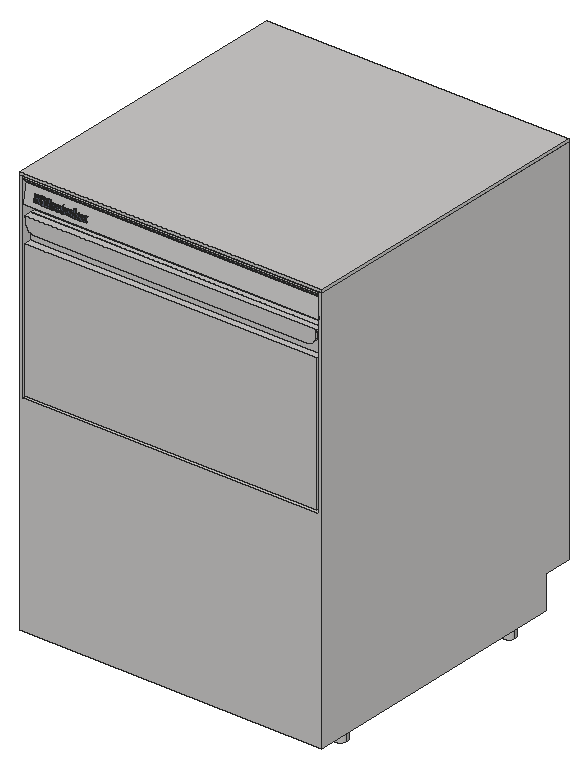
Revit family "QF_ELECTROLUXPROFESSIONAL_520003_EUC40G16", category Specialty Equipment, Revit 2018
Family settings
  Round Connector Dimension = Use Diameter
  Part Type = Normal
  Work Plane-Based = No
  Always vertical = Yes
  Cut with Voids When Loaded = No
  Shared = No
  Room Calculation Point = No
Parameters
  Weight = 0.00 kg
  Watts = 0 W
  Volts = 230 V
  URL Manufacturer = "http://professional.electrolux.com/"
  URL = "http://professional.electrolux.com/"
  Steam Supply Size = 0 mm
  Steam Supply Minimum Pressure = 0.0 Pa
  Steam Supply Maximum Pressure = 0.0 Pa
  Steam Pounds per Hour = 0
  Show Logo [instance] = yes
  Show Clearance [instance] = yes
  Refrigeration Suction Line Size = 0 mm
  Refrigeration Liquid Line Size = 0 mm
  Refrigerant Compressor Remote = yes
  Manufacturer = "Electrolux"
  Phase = 0
  Model = "EUC40G16"
  Length Actual = 600 mm  # constant formula
  Item Number = "520003"
  Hot Water Size = 0 mm
  Height Actual = 820 mm  # constant formula
  HP = "4.8 HP"
  Gas Size = 0 mm
  Gas KW = 0
  Gas Input Pressure = 0 W
  Direct Waste Size = 22 mm
  Description = "UC DW+DOUBLE S+DRAIN P+DET DISP,3C,40R/H,230V,60HZ"
  Depth Actual = 612 mm  # constant formula
  Cycle = 60 Hz
  Condensate Return Size = 0 mm
  Compressed Air Volume = 0.0 L/s
  Compressed Air Size = 0 mm
  Compressed Air Pressure = 0.0 Pa
  Cold Water Size = 0 mm
  Accessory = yes
Reference planes
  plane 1 "Center (Front/Back)": y = 0
  plane 2: z = 0
  plane 3 "Center (Left/Right)": x = 0
  plane 4 "LEFT": x = -299
  plane 5 "RIGHT": x = 299
  plane 6 "FRONT": y = -306
  plane 7 "BACK": y = 306
  plane 8: x = -281
  plane 9: x = 281
  plane 10: z = 830
  plane 11: z = 20
  plane 12: y = -281
Forms (mm)
  Extrusion 1, solid, material "QF_Finishes_Stainless Steel"
    sketch origin (0, 0, 0) x (1, 0, 0) y (0, 1, 0)
      loop
        line (-299, -306) -> (299, -306) -> (299, 249) -> (-299, 249) -> (-299, -306)
    from 20 to 830
  Extrusion 2, solid, material "QF_Finishes_Stainless Steel"
    sketch origin (0, 0, 0) x (1, 0, 0) y (0, 1, 0)
      loop
        line (-299, 249) -> (299, 249) -> (299, 306) -> (-299, 306) -> (-299, 249)
    from 86 to 830
  Extrusion 3, solid, material "QF_Finishes_Stainless Steel"
    sketch origin (0, 0, 0) x (1, 0, 0) y (0, 1, 0)
      loop
        circle (-281, 181) r 12.5
      loop
        circle (281, 181) r 12.5
      loop
        circle (-281, -236) r 12.5
      loop
        circle (281, -236) r 12.5
    from 0 to 20
  Extrusion 4, void
    sketch origin (-299, -306, 0) x (-1, 0, 0) y (0, 0, 1)
      loop
        line (-5, 830) -> (-593, 830) -> (-593, 434.506) -> (-5, 434.506) -> (-5, 830)
    from 0 to 30
  Extrusion 5, solid, material "QF_Finishes_Stainless Steel"
    sketch origin (-288, -392, 738) x (0, 0, -1) y (1, 0, 0)
      loop
        circle (688, 94) r 10
    from -641 to -698
  Extrusion 6, solid, material "QF_Door-Drawer Clearances", visible <- "Show Clearance", detail levels coarse
    sketch origin (-230, -282.5, 0) x (0, 1, 0) y (0, 0, -1)
      loop
        line (-23.5, -440) -> (-343.5, -440)
        arc (-343.5, -440) -> (-249.774, -666.274) -> (-23.5, -760) r 320
        line (-23.5, -760) -> (-23.5, -440)
    from 60 to -520
  Extrusion 7, solid, material "QF_Finishes_Stainless Steel"
    sketch origin (-242.481, -392, 738) x (0, 0, -1) y (1, 0, 0)
      loop
        circle (688, 236.481) r 8
    from -641 to -698
  Extrusion 8, solid, material "QF_Finishes_Stainless Steel"
    sketch origin (-230, -282.5, 0) x (0, 1, 0) y (0, 0, -1)
      loop
        line (-23.5, -440) -> (-23.5, -710) -> (-8.5, -710) -> (-8.5, -760) -> (1.5, -760) -> (1.5, -440) -> (-23.5, -440)
    from 60 to -520
  Extrusion 9, solid, material "QF_Finishes_Stainless Steel"
    sketch origin (-230, -282.5, -55) x (0, 1, 0) y (0, 0, -1)
      loop
        line (-8.5, -815) -> (-8.5, -812.514) -> (-21, -812.514) -> (-21, -786.25) -> (-23.5, -786.25) -> (-23.5, -815) -> (-8.5, -815)
    from 60 to -520
  Extrusion 10, void
    sketch origin (-230, -306, 760) x (0, 0, 1) y (1, 0, 0)
      loop
        line (-2.486, -60) -> (-2.486, -58.393) -> (-15.552, -58.393)
        arc (-15.552, -58.393) -> (-25.109, -51.319) -> (-28.75, -40) r 19.416
        line (-28.75, -40) -> (-28.75, -60) -> (-2.486, -60)
      loop
        line (-2.486, 520) -> (-28.75, 520) -> (-28.75, 500)
        arc (-28.75, 500) -> (-25.109, 511.319) -> (-15.552, 518.393) r 19.416
        line (-15.552, 518.393) -> (-2.486, 518.393) -> (-2.486, 520)
    from 0 to 2.5
  Extrusion 11, solid, material "QF_Finishes_Stainless Steel"
    sketch origin (0, 0, 0) x (1, 0, 0) y (0, 1, 0)
      loop
        line (-299, -306) -> (299, -306) -> (299, 306) -> (-299, 306) -> (-299, -306)
    from 835 to 830
  Extrusion 12, solid, material "QF_Finishes_Stainless Steel"
    sketch origin (-230, -282.5, 15) x (0, 1, 0) y (0, 0, -1)
      loop
        line (-15.517, -815) -> (6.5, -815) -> (6.5, -765.202) -> (-23.502, -765.202) -> (-16.651, -801.185)
        arc (-16.651, -801.185) -> (-16.709, -802.254) -> (-17.26, -803.171) r 2.216
        line (-17.26, -803.171) -> (-21.457, -807.367)
        arc (-21.457, -807.367) -> (-22.158, -809.293) -> (-21.133, -811.068) r 2.424
        line (-21.133, -811.068) -> (-15.517, -815)
    from -524 to 64
  Extrusion 13, solid, material "QF_Finishes_Stainless Steel"
    sketch origin (-372.481, -392, 738) x (0, 0, -1) y (1, 0, 0)
      loop
        circle (668, 282.481) r 8
    from -641 to -698
Cuts and joins
  Extrusion 4 cuts Extrusion 1
  joined: Extrusion 1, Extrusion 2
  Extrusion 10 cuts Extrusion 6
  Extrusion 10 cuts Extrusion 8
  Extrusion 10 cuts Extrusion 9
Lines and regions (mm)
  Split face 1
    outline origin (-230, -299.151, 816.185) x (0, -0.187035, -0.982353) y (1, 0, 0)
      loop
        line (12.473, -49) -> (24.129, -49)
        arc (24.129, -49) -> (31.2, -46.071) -> (34.129, -39) r 10
        line (34.129, -39) -> (34.129, 499)
        arc (34.129, 499) -> (31.2, 506.071) -> (24.129, 509) r 10
        line (24.129, 509) -> (12.473, 509)
        arc (12.473, 509) -> (5.402, 506.071) -> (2.473, 499) r 10
        line (2.473, 499) -> (2.473, -39)
        arc (2.473, -39) -> (5.402, -46.071) -> (12.473, -49) r 10
  Split face 2
    outline origin (-230, -299.151, 816.185) x (0, -0.187035, -0.982353) y (1, 0, 0)
      loop
        line (9.973, 81.452) -> (29.129, 81.452) -> (29.129, 104.231) -> (9.973, 104.231) -> (9.973, 81.452)
  Split face 3
    outline origin (-200, -299.151, 816.185) x (0, -0.187035, -0.982353) y (1, 0, 0)
      loop
        line (9.973, 81.452) -> (29.129, 81.452) -> (29.129, 104.231) -> (9.973, 104.231) -> (9.973, 81.452)
  Split face 4
    outline origin (-170, -299.151, 816.185) x (0, -0.187035, -0.982353) y (1, 0, 0)
      loop
        line (9.973, 81.452) -> (29.129, 81.452) -> (29.129, 104.231) -> (9.973, 104.231) -> (9.973, 81.452)
  Split face 5
    outline origin (-45, -299.151, 816.185) x (0, -0.187035, -0.982353) y (1, 0, 0)
      loop
        line (9.973, 79.452) -> (29.129, 79.452) -> (29.129, 102.231) -> (9.973, 102.231) -> (9.973, 79.452)
  Split face 6
    outline origin (-15, -299.151, 816.185) x (0, -0.187035, -0.982353) y (1, 0, 0)
      loop
        line (9.973, 79.452) -> (29.129, 79.452) -> (29.129, 102.231) -> (9.973, 102.231) -> (9.973, 79.452)
  Split face 7
    outline origin (15, -299.151, 816.185) x (0, -0.187035, -0.982353) y (1, 0, 0)
      loop
        line (9.973, 79.452) -> (29.129, 79.452) -> (29.129, 102.231) -> (9.973, 102.231) -> (9.973, 79.452)
  Split face 8
    outline origin (-100, -299.151, 816.185) x (0, -0.187035, -0.982353) y (1, 0, 0)
      loop
        line (9.973, 63.952) -> (29.129, 63.952) -> (29.129, 106.731) -> (9.973, 106.731) -> (9.973, 63.952)
  symbolic lines
    curve 1: line (-299, 306, 0) -> (299, 306, 0)
    curve 2: line (-299, -306, 0) -> (-299, 306, 0)
    curve 3: line (299, -306, 0) -> (-299, -306, 0)
    curve 4: line (299, 306, 0) -> (299, -306, 0)
  symbolic lines, style "QF_Door-Drawer Clearances"
    curve 5: line (-290, -626, 0) -> (290, -626, 0)
    curve 6: line (290, -626, 0) -> (290, -306, 0)
    curve 7: line (-290, -626, 0) -> (-290, -306, 0)
Dimensions and locks
  equal spacing: plane 4 "LEFT", plane 3 "Center (Left/Right)", plane 5 "RIGHT"
  equal spacing: plane 7 "BACK", plane 1 "Center (Front/Back)", plane 6 "FRONT"
  plane 7 "BACK" to plane 6 "FRONT" = 612 mm  (x2)
  plane 4 "LEFT" to plane 5 "RIGHT" = 598 mm
  plane 4 "LEFT" to plane 8 = 18 mm
  plane 9 to plane 5 "RIGHT" = 18 mm
  locked: plane 11 to level at 20
  plane 4 "LEFT" to plane 3 "Center (Left/Right)" = 299 mm
  plane 10 to level = 830 mm
  plane 8 to plane 9 = 562 mm
  locked: plane 12 to plane 6 "FRONT" at 25
  plane 11 to Extrusion 7 sketch curve = 30 mm
  plane 5 "RIGHT" to Extrusion 7 sketch curve = 305 mm  (x2)
  plane 5 "RIGHT" to Extrusion 5 sketch curve = 493 mm
  plane 11 to Extrusion 5 sketch curve = 30 mm
  cut or joined group of Extrusion 1, Extrusion 2, Extrusion 4 to Extrusion 13 sketch curve = 389 mm
  plane 11 to Extrusion 13 sketch curve = 50 mm
  plane 7 "BACK" to Extrusion 3 sketch curve = 125 mm  (x2)
  Extrusion 3 sketch curve to plane 6 "FRONT" = 70 mm  (x2)
  Extrusion 5 sketch curve to plane 4 "LEFT" = 105 mm
  aligned and locked: level to plane 2
  aligned and locked: Extrusion 1 sketch curve to plane 6 "FRONT"
  aligned and locked: Extrusion 1 sketch curve to plane 4 "LEFT"
  aligned and locked: plane 5 "RIGHT" to Extrusion 1 sketch curve
  aligned and locked: Extrusion 1 to plane 11
  aligned and locked: Extrusion 2 sketch curve to Extrusion 1  (x2)
  aligned and locked: plane 7 "BACK" to Extrusion 2 sketch curve
  aligned and locked: plane 5 "RIGHT" to Extrusion 2 sketch curve
  aligned and locked: plane 11 to Extrusion 3
  aligned and locked: Extrusion 2 to Extrusion 5
  aligned and locked: Extrusion 2 to Extrusion 7
  aligned and locked: plane 7 "BACK" to Extrusion 7
  aligned and locked: plane 7 "BACK" to Extrusion 5
  aligned and locked: Extrusion 10 to cut or joined group of Extrusion 9, Extrusion 10
  aligned and locked: Extrusion 2 to Extrusion 1
  aligned and locked: Extrusion 11 sketch curve to cut or joined group of Extrusion 1, Extrusion 2, Extrusion 4  (x4)
  aligned and locked: plane 10 to Extrusion 11
  aligned and locked: Extrusion 1 to Extrusion 4
  aligned and locked: curve 5 to cut or joined group of Extrusion 6, Extrusion 10
Automatic sketch dimensions
  curve 3 to plane 4 "LEFT" = 0 mm
  curve 7 to plane 6 "FRONT" = 0 mm
  curve 3 to plane 5 "RIGHT" = 0 mm
  curve 2 to plane 7 "BACK" = 0 mm
  plane 4 "LEFT" to curve 5 = 9 mm
  curve 6 to plane 5 "RIGHT" = 9 mm
  Extrusion 3 sketch curve to plane 8 = 0 mm  (x2)
  Extrusion 3 sketch curve to plane 9 = 0 mm  (x2)
  Extrusion 4 sketch curve to Extrusion 1 = 0 mm
  Extrusion 4 sketch curve to Extrusion 1 = 5 mm  (x2)
  Extrusion 4 sketch curve to Extrusion 1 = 414.506 mm
  Extrusion 6 sketch curve to plane 6 "FRONT" = 0 mm
  Extrusion 6 sketch curve to Extrusion 6 sketch curve = 320 mm
  Extrusion 6 sketch curve to plane 10 = 70 mm
  Extrusion 8 sketch curve to plane 6 "FRONT" = 0 mm
  Extrusion 8 sketch curve to plane 12 = 0 mm
  Extrusion 8 sketch curve to Extrusion 8 sketch curve = 10 mm
  Extrusion 8 sketch curve to plane 10 = 70 mm
  Extrusion 8 sketch curve to Extrusion 8 sketch curve = 50 mm
  Extrusion 8 sketch curve to Extrusion 8 sketch curve = 270 mm
  Extrusion 9 sketch curve to plane 6 "FRONT" = 0 mm
  Extrusion 9 sketch curve to Extrusion 9 sketch curve = 2.5 mm
  Extrusion 9 sketch curve to plane 12 = 10 mm
  Extrusion 9 sketch curve to plane 10 = 70 mm
  Extrusion 9 sketch curve to Extrusion 9 sketch curve = 2.486 mm
  Extrusion 9 sketch curve to Extrusion 9 sketch curve = 26.264 mm
  Extrusion 10 sketch curve to Extrusion 9 = 0 mm  (x4)
  Extrusion 10 sketch curve to Extrusion 9 = 1.607 mm  (x2)
  Extrusion 10 sketch curve to Extrusion 9 = 13.198 mm  (x2)
  Extrusion 10 sketch curve to Extrusion 9 = 9.334 mm  (x2)
  Extrusion 10 sketch curve to Extrusion 9 = 2.486 mm  (x2)
  Split face 1 sketch curve to Extrusion 12 = 2.473 mm
  Split face 1 sketch curve to Extrusion 12 = 12.473 mm  (x2)
  Split face 1 sketch curve to Split face 1 sketch curve = 11.656 mm  (x2)
  Split face 1 sketch curve to Extrusion 12 = 15 mm
  Split face 1 sketch curve to Extrusion 12 = 25 mm
  Split face 2 sketch curve to Extrusion 12 = 9.973 mm
  Split face 2 sketch curve to Extrusion 12 = 145.452 mm
  Split face 2 sketch curve to Split face 2 sketch curve = 22.778 mm
  Split face 3 sketch curve to Extrusion 12 = 9.973 mm
  Split face 3 sketch curve to Extrusion 12 = 175.452 mm
  Split face 3 sketch curve to Split face 3 sketch curve = 22.778 mm
  Split face 4 sketch curve to Extrusion 12 = 9.973 mm
  Split face 4 sketch curve to Extrusion 12 = 205.452 mm
  Split face 4 sketch curve to Split face 4 sketch curve = 22.778 mm
  Split face 5 sketch curve to Extrusion 12 = 9.973 mm
  Split face 5 sketch curve to Extrusion 12 = 259.548 mm
  Split face 5 sketch curve to Split face 5 sketch curve = 22.778 mm
  Split face 6 sketch curve to Extrusion 12 = 9.973 mm
  Split face 6 sketch curve to Extrusion 12 = 229.548 mm
  Split face 6 sketch curve to Split face 6 sketch curve = 22.778 mm
  Split face 7 sketch curve to Extrusion 12 = 9.973 mm
  Split face 7 sketch curve to Extrusion 12 = 199.548 mm
  Split face 7 sketch curve to Split face 7 sketch curve = 22.778 mm
  Split face 8 sketch curve to Extrusion 12 = 9.973 mm
  Split face 8 sketch curve to Extrusion 12 = 257.952 mm
  Split face 8 sketch curve to Split face 8 sketch curve = 42.778 mm
  Extrusion 1 sketch curve to plane 7 "BACK" = 57 mm
  Extrusion 3 sketch curve to plane 7 "BACK" = 125 mm
  Extrusion 12 sketch curve to plane 10 = 0 mm
  plane 6 "FRONT" to Extrusion 12 sketch curve = 2.043 mm
  plane 6 "FRONT" to Extrusion 12 sketch curve = 2.367 mm
  Extrusion 12 sketch curve to Extrusion 12 sketch curve = 1.567 mm  (x2)
  Extrusion 12 sketch curve to Extrusion 12 sketch curve = 0.609 mm
  Extrusion 12 sketch curve to Extrusion 12 sketch curve = 5.616 mm
  plane 12 to Extrusion 12 sketch curve = 5 mm
  Extrusion 12 sketch curve to plane 10 = 3.932 mm
  Extrusion 12 sketch curve to Extrusion 12 sketch curve = 35.982 mm
  Extrusion 12 sketch curve to plane 6 "FRONT" = 0.002 mm
  Extrusion 12 sketch curve to Extrusion 12 sketch curve = 1.714 mm
  Extrusion 12 sketch curve to Extrusion 12 sketch curve = 1.986 mm
  Extrusion 12 sketch curve to Extrusion 12 sketch curve = 4.196 mm
  plane 6 "FRONT" to Extrusion 12 sketch curve = 4.673 mm
  Split face 1 sketch curve to Extrusion 12 = 2.5 mm
  Split face 2 sketch curve to Extrusion 12 = 7.5 mm
  Split face 3 sketch curve to Extrusion 12 = 7.5 mm
  Split face 4 sketch curve to Extrusion 12 = 7.5 mm
  Split face 5 sketch curve to Extrusion 12 = 7.5 mm
  Split face 6 sketch curve to Extrusion 12 = 7.5 mm
  Split face 7 sketch curve to Extrusion 12 = 7.5 mm
  Split face 8 sketch curve to Extrusion 12 = 7.5 mm
  radius of Extrusion 3 sketch curve = 12.5 mm  (x4)
  radius of Extrusion 5 sketch curve = 10 mm
  radius of Extrusion 7 sketch curve = 8 mm
  radius of Extrusion 13 sketch curve = 8 mm
Nested families
  nested 1: "ELX_Logo_S" at (-220, -302.854, 796.736) x (1, 0, 0) z (0, -0.9824, 0.187), visible <- "Show Logo", type "ELX_Logo_S"
Connectors
  piping at (-194, 306, 50), diameter 20
    settings: on Extrusion 5, index 1, connector inside diameter 609.6 mm, connector length 0 mm, flow factor 0, pipe flow 0.0 L/s, pressure drop 0.0 Pa, fitting loss kfactor 0, connector angle 0.00°, fixture units 0, engagement length 0 mm, angle of deflection 0.00°, flow configuration 1, flow direction 2, fitting loss method 0, system type 16, joint type 0, gender type 0, connector reference index -1, connector utility 0, adjustable connector no, is connector primary yes, connector description "Drain"
  piping at (-6, 306, 50), driven by "Hot Water Size"
    settings: on Extrusion 7, index 3, connector diameter 0 mm, connector inside diameter 609.6 mm, connector length 0 mm, flow factor 0, pipe flow 0.0 L/s, pressure drop 0.0 Pa, fitting loss kfactor 0, connector angle 0.00°, fixture units 0, engagement length 0 mm, angle of deflection 0.00°, flow configuration 1, flow direction 1, fitting loss method 0, system type 19, joint type 0, gender type 0, connector reference index -1, connector utility 0, adjustable connector no, is connector primary no, connector description "Hot Water Inlet"
  electrical at (-90, 306, 70), driven by "Volts"
    settings: on Extrusion 13, index 4, voltage 230 V, apparent load 0 VA, apparent load phase1 0 VA, apparent load phase2 0 VA, apparent load phase3 0 VA, power factor 1, load classification "Altro", number of poles 1, system type 30, power factor state 1, is connector primary yes, connector utility no, sub classification motor no, connector description "Electrical Connection"
Definition of nested family "ELX_Logo_S"
  Parameters
    Default Elevation = 0 mm
  Reference planes
    plane 1 "Centro (Fronte/Retro)": y = 0
    plane 2: z = 0
    plane 3 "Centro (Sinistra/Destra)": x = 0
  Forms (mm)
    Extrusion 1, solid
      sketch origin (0, 0, 0) x (1, 0, 0) y (0, 1, 0)
        loop
          line (-1219.2, 1219.2) -> (-1219.2, -1219.2) -> (1219.2, -1219.2) -> (1219.2, 1219.2) -> (-1219.2, 1219.2)
      from 0 to -304.8
    Extrusion 2, solid
      sketch origin (0, 0, 0) x (1, 0, 0) y (0, 1, 0)
        loop
          line (-43.793, 5.912) -> (-43.793, -6.455)
          arc (-43.793, -6.455) -> (-39.222, -0.272) -> (-43.793, 5.912) r 6.467
        loop
          arc (-44.422, 5.912) -> (-49.565, 4.743) -> (-52.043, 0.087) r 6.338
          line (-52.043, 0.087) -> (-49.997, 0.087)
          arc (-49.997, 0.087) -> (-46.342, 1.57) -> (-44.422, 5.016) r 5.941
          line (-44.422, 5.016) -> (-44.422, 5.912)
        loop
          arc (-44.422, -5.559) -> (-46.342, -2.114) -> (-49.997, -0.63) r 5.941
          line (-49.997, -0.63) -> (-52.043, -0.63)
          arc (-52.043, -0.63) -> (-49.569, -5.324) -> (-44.422, -6.614) r 6.504
          line (-44.422, -6.614) -> (-44.422, -5.559)
        loop
          line (-52.512, 6.586) -> (-52.512, -7.158) -> (-38.749, -7.158) -> (-38.749, 6.586) -> (-52.512, 6.586)
        loop
          arc (-35.782, 6.67) -> (-36.139, 6.322) -> (-35.801, 5.955) r 0.358
          arc (-35.801, 5.955) -> (-35.051, 5.641) -> (-34.666, 4.924) r 1.216
          line (-34.666, 4.924) -> (-34.666, -5.488)
          arc (-34.666, -5.488) -> (-34.944, -6.148) -> (-35.54, -6.544) r 1.238
          arc (-35.54, -6.544) -> (-35.791, -6.939) -> (-35.437, -7.244) r 0.358
          line (-35.437, -7.244) -> (-25.558, -7.244) -> (-25.558, -4.494) -> (-26.455, -4.494)
          arc (-26.455, -4.494) -> (-27.035, -5.403) -> (-28.012, -5.858) r 1.928
          line (-28.012, -5.858) -> (-30.511, -5.858)
          arc (-30.511, -5.858) -> (-31.24, -5.583) -> (-31.604, -4.894) r 1.101
          line (-31.604, -4.894) -> (-31.604, -0.808) -> (-27.931, -0.808)
          arc (-27.931, -0.808) -> (-27.434, -1.16) -> (-27.206, -1.725) r 1.083
          arc (-27.206, -1.725) -> (-26.9, -1.989) -> (-26.622, -1.697) r 0.292
          line (-26.622, -1.697) -> (-26.622, 1.265)
          arc (-26.622, 1.265) -> (-26.895, 1.568) -> (-27.225, 1.329) r 0.305
          arc (-27.225, 1.329) -> (-27.473, 0.839) -> (-27.931, 0.534) r 1.083
          line (-27.931, 0.534) -> (-31.604, 0.534) -> (-31.604, 5.211) -> (-27.857, 5.211)
          arc (-27.857, 5.211) -> (-27.101, 4.997) -> (-26.603, 4.39) r 1.314
          arc (-26.603, 4.39) -> (-26.199, 4.171) -> (-25.907, 4.526) r 0.361
          line (-25.907, 4.526) -> (-25.907, 6.67) -> (-35.782, 6.67)
        loop
          arc (-25.126, 5.953) -> (-24.207, 5.572) -> (-23.827, 4.654) r 1.299
          line (-23.827, 4.654) -> (-23.827, -4.925)
          arc (-23.827, -4.925) -> (-24.205, -5.763) -> (-25.083, -6.035) r 1.118
          line (-25.083, -6.035) -> (-25.083, -7.244) -> (-19.733, -7.244) -> (-19.733, -6.056)
          arc (-19.733, -6.056) -> (-20.65, -5.784) -> (-21.046, -4.914) r 1.153
          line (-21.046, -4.914) -> (-21.046, 7.158) -> (-25.126, 5.953)
        loop
          line (-17.097, -2.28) -> (-10.65, -2.28) -> (-10.65, -1.481)
          arc (-10.65, -1.481) -> (-11.634, 1.1) -> (-14.088, 2.369) r 3.874
          line (-14.088, 2.369) -> (-15.848, 2.369)
          arc (-15.848, 2.369) -> (-18.713, 1.182) -> (-19.899, -1.682) r 4.051
          line (-19.899, -1.682) -> (-19.899, -3.691)
          arc (-19.899, -3.691) -> (-18.414, -6.509) -> (-15.407, -7.561) r 4.352
          arc (-15.407, -7.561) -> (-12.944, -7.196) -> (-10.87, -5.819) r 5.713
          line (-10.87, -5.819) -> (-10.87, -4.87)
          arc (-10.87, -4.87) -> (-12.439, -5.603) -> (-14.157, -5.819) r 5.579
          arc (-14.157, -5.819) -> (-16.12, -5.025) -> (-17.097, -3.146) r 3.057
          line (-17.097, -3.146) -> (-17.097, -2.28)
        loop
          line (-17.097, -1.02) -> (-13.515, -1.02)
          arc (-13.515, -1.02) -> (-13.468, 0.436) -> (-14.627, 1.319) r 1.59
          line (-14.627, 1.319) -> (-15.457, 1.319)
          arc (-15.457, 1.319) -> (-16.712, 0.455) -> (-17.097, -1.02) r 2.184
        loop
          arc (-1.232, 1.771) -> (-2.906, 2.259) -> (-4.643, 2.417) r 9.023
          line (-4.643, 2.417) -> (-6.005, 2.417)
          arc (-6.005, 2.417) -> (-8.805, 1.257) -> (-9.965, -1.542) r 3.959
          line (-9.965, -1.542) -> (-9.965, -4.142)
          arc (-9.965, -4.142) -> (-8.672, -6.424) -> (-6.299, -7.541) r 4.331
          line (-6.299, -7.541) -> (-4.164, -7.541)
          arc (-4.164, -7.541) -> (-2.614, -7.033) -> (-1.268, -6.112) r 5.772
          arc (-1.268, -6.112) -> (-1.217, -5.35) -> (-1.976, -5.263) r 0.553
          arc (-1.976, -5.263) -> (-2.71, -5.651) -> (-3.529, -5.785) r 2.573
          line (-3.529, -5.785) -> (-5.044, -5.785)
          arc (-5.044, -5.785) -> (-6.686, -4.779) -> (-7.328, -2.965) r 2.884
          line (-7.328, -2.965) -> (-7.328, -1.686)
          arc (-7.328, -1.686) -> (-6.768, 0.135) -> (-5.103, 1.062) r 2.554
          line (-5.103, 1.062) -> (-4.05, 1.062)
          arc (-4.05, 1.062) -> (-3.122, 0.73) -> (-2.387, 0.073) r 2.564
          arc (-2.387, 0.073) -> (-1.67, -0.148) -> (-1.232, 0.461) r 0.643
          line (-1.232, 0.461) -> (-1.232, 1.771)
        loop
          line (-0.962, 0.752) -> (0.539, 0.752) -> (0.539, -5.296)
          arc (0.539, -5.296) -> (1.197, -6.884) -> (2.785, -7.541) r 2.246
          line (2.785, -7.541) -> (4.369, -7.541)
          arc (4.369, -7.541) -> (5.233, -7.228) -> (6.005, -6.727) r 4.06
          arc (6.005, -6.727) -> (6.138, -5.995) -> (5.437, -5.743) r 0.576
          arc (5.437, -5.743) -> (4.911, -5.849) -> (4.379, -5.785) r 1.69
          arc (4.379, -5.785) -> (3.591, -5.244) -> (3.288, -4.337) r 1.506
          line (3.288, -4.337) -> (3.288, 0.801) -> (5.685, 0.801) -> (6.241, 1.357) -> (6.241, 2.179) -> (3.382, 2.179) -> (3.382, 5.41) -> (-0.962, 0.752)
        loop
          line (7.139, -7.324) -> (12.526, -7.324) -> (12.526, -6.214)
          arc (12.526, -6.214) -> (11.575, -5.82) -> (11.181, -4.869) r 1.345
          line (11.181, -4.869) -> (11.181, -1.253)
          arc (11.181, -1.253) -> (11.773, -0.488) -> (12.695, -0.199) r 1.615
          line (12.695, -0.199) -> (14.251, -0.199) -> (14.936, 2.357) -> (13.553, 2.357) -> (10.994, 0.414) -> (10.994, 2.295) -> (8.288, 2.01)
          arc (8.288, 2.01) -> (7.758, 1.571) -> (7.959, 0.912) r 0.621
          arc (7.959, 0.912) -> (8.301, 0.512) -> (8.484, 0.018) r 1.501
          line (8.484, 0.018) -> (8.484, -4.869)
          arc (8.484, -4.869) -> (8.09, -5.82) -> (7.139, -6.214) r 1.345
          line (7.139, -6.214) -> (7.139, -7.324)
        loop
          line (14.473, -1.222) -> (14.473, -3.914)
          arc (14.473, -3.914) -> (15.781, -6.36) -> (18.311, -7.494) r 4.288
          arc (18.311, -7.494) -> (19.692, -7.557) -> (21.072, -7.494) r 15.022
          arc (21.072, -7.494) -> (23.603, -6.36) -> (24.91, -3.914) r 4.288
          line (24.91, -3.914) -> (24.91, -1.222)
          arc (24.91, -1.222) -> (23.603, 1.223) -> (21.072, 2.357) r 4.288
          arc (21.072, 2.357) -> (19.692, 2.421) -> (18.311, 2.357) r 15.022
          arc (18.311, 2.357) -> (15.781, 1.223) -> (14.473, -1.222) r 4.288
        loop
          line (17.587, -1.017) -> (17.587, -4.119)
          arc (17.587, -4.119) -> (19.744, -6.276) -> (21.901, -4.119) r 2.157
          line (21.901, -4.119) -> (21.901, -1.017)
          arc (21.901, -1.017) -> (19.744, 1.14) -> (17.587, -1.017) r 2.157
        loop
          arc (24.768, 5.964) -> (25.662, 5.593) -> (26.033, 4.699) r 1.264
          line (26.033, 4.699) -> (26.033, -5.165)
          arc (26.033, -5.165) -> (25.636, -6.035) -> (24.72, -6.307) r 1.153
          line (24.72, -6.307) -> (24.72, -7.244) -> (29.828, -7.244) -> (29.828, -6.316)
          arc (29.828, -6.316) -> (29.056, -5.957) -> (28.741, -5.165) r 1.153
          line (28.741, -5.165) -> (28.741, 7.158) -> (24.768, 5.964)
        loop
          arc (29.365, 1.084) -> (30.43, 0.885) -> (30.912, -0.085) r 1.215
          line (30.912, -0.085) -> (30.912, -5.105)
          arc (30.912, -5.105) -> (31.559, -6.719) -> (33.142, -7.44) r 2.338
          line (33.142, -7.44) -> (34.657, -7.44)
          arc (34.657, -7.44) -> (35.661, -7.266) -> (36.547, -6.763) r 2.979
          line (36.547, -6.763) -> (38.344, -7.244) -> (40.032, -7.244) -> (40.032, 2.181) -> (35.829, 1.887) -> (35.829, 1.101)
          arc (35.829, 1.101) -> (36.665, 0.745) -> (37.174, -0.007) r 1.605
          line (37.174, -0.007) -> (37.174, -5.11)
          arc (37.174, -5.11) -> (36.237, -5.531) -> (35.213, -5.603) r 2.94
          arc (35.213, -5.603) -> (34.112, -5.042) -> (33.669, -3.889) r 1.724
          line (33.669, -3.889) -> (33.669, 2.307) -> (29.365, 1.084)
        loop
          line (40.886, 2.112) -> (42.932, 0.44) -> (45.238, -2.734) -> (42.126, -6.191)
          arc (42.126, -6.191) -> (41.732, -6.428) -> (41.273, -6.405) r 0.789
          line (41.273, -6.405) -> (41.273, -7.244) -> (44.818, -7.244) -> (44.818, -6.418)
          arc (44.818, -6.418) -> (44.456, -6.076) -> (44.548, -5.586) r 0.52
          line (44.548, -5.586) -> (46.019, -3.786) -> (47.394, -5.904)
          arc (47.394, -5.904) -> (47.084, -6.305) -> (46.585, -6.392) r 0.7
          line (46.585, -6.392) -> (46.585, -7.244) -> (52.512, -7.244) -> (52.512, -6.358)
          arc (52.512, -6.358) -> (51.853, -6.291) -> (51.322, -5.896) r 1.247
          line (51.322, -5.896) -> (48.041, -1.696) -> (50.094, 0.751) -> (51.836, 2.112) -> (48.112, 2.112) -> (48.535, 0.627) -> (47.258, -0.895) -> (46.068, 0.806) -> (46.844, 2.112) -> (40.886, 2.112)
      from 0 to 1.644
  Dimensions and locks
    aligned and locked: plane 2 to Extrusion 1
    aligned and locked: level to Extrusion 1
